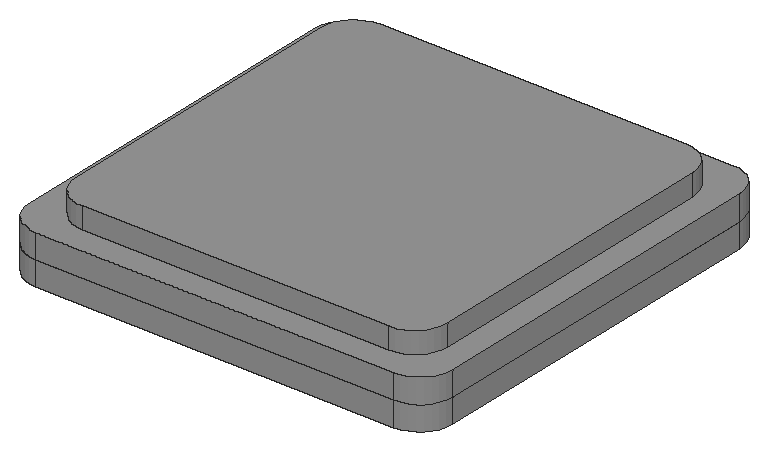
Revit family "FMS2_63_UN_Surface-mounted_ETK", category Lighting Fixtures, Revit 2019 (continued)
Definition of nested family "FMS.2 - Lightsource"
  Types (14, lengths in mm): name | Wattage Comments | Wattage | built-in parameter 1150134 | Photometric Web File | built-in parameter 1150142 | built-in parameter 1150105 | Lumens | built-in parameter 1150107 | built-in parameter 1150106 | Apparent Load
      02\t947.8944\t945.3186\t942.7428\r\n939.8808\t937.0188\t934.1568\t931.2948\t928.4328\t925.857\t922.995\t920.133\t917.271\t914.409\r\n911.547\t908.685\t905.823\t901.8162\t897.5232\t893.2302\t888.9372\t884.6442\t880.065\t875.772\r\n871.1928\t866.6136\t862.0344\t857.4552\t852.876\t848.583\t844.0038\t839.7108\t835.1316\t830.8386\r\n826.5456\t821.9664\t817.3872\t812.808\t807.084\t801.36\t795.3498\t789.6258\t783.9018\t778.1778\r\n772.74\t767.016\t761.292\t755.568\t749.844\t744.12\t738.396\t732.672\t726.948\t721.224\r\n715.5\t709.776\t704.052\t698.328\t692.0316\t685.1628\t678.0078\t671.139\t664.2702\t657.4014\r\n650.5326\t643.6638\t636.795\t629.9262\t623.0574\t616.1886\t609.3198\t602.7372\t595.8684\t588.9996\r\n582.1308\t575.262\t568.3932\t561.5244\t554.3694\t546.9282\t539.2008\t531.7596\t524.0322\t516.3048\r\n508.8636\t501.1362\t493.695\t485.9676\t478.5264\t471.0852\t463.3578\t455.9166\t448.4754\t440.748\r\n433.3068\t425.8656\t418.1382\t410.697\t402.6834\t394.6698\t386.6562\t378.6426\t370.629\t362.6154\r\n354.6018\t346.5882\t338.5746\t330.561\t322.5474\t314.5338\t306.5202\t298.5066\t290.493\t282.4222\r\n274.4372\t266.4236\t258.4386\t250.9974\t243.7279\t236.4584\t229.189\t221.9481\t214.6786\t207.4378\r\n200.1683\t192.9274\t185.6866\t178.4457\t171.2335\t163.9926\t156.7517\t149.5395\t142.3273\t135.0864\r\n127.8742\t120.6619\t108.985\t96.3063\t83.6276\t70.9776\t58.2989\t45.6203\t32.9416\t20.2773\r\n7.6072\t0\t0\t0\t0\t0\t0\t0\t0\t0\r\n0\r\n985.1004\t983.9556\t983.097\t981.9522\t980.8074\t979.9488\t978.804\t977.9454\t977.0868\t975.942\r\n975.0834\t974.2248\t973.08\t972.2214\t971.0766\t970.218\t969.0732\t968.2146\t967.356\t966.2112\r\n965.3526\t963.9216\t961.0596\t958.4838\t955.6218\t953.046\t950.184\t947.6082\t944.7462\t941.8842\r\n939.3084\t936.7326\t933.8706\t931.2948\t928.719\t925.857\t923.2812\t920.4192\t917.8434\t915.2676\r\n912.4056\t909.5436\t905.823\t901.53\t896.9508\t892.6578\t888.3648\t884.0718\t879.7788\t875.4858\r\n870.9066\t866.6136\t862.3206\t857.7414\t853.4484\t849.1554\t844.5762\t840.2832\t835.9902\t831.6972\r\n827.4042\t823.1112\t818.2458\t812.5218\t807.084\t801.36\t795.636\t789.912\t784.188\t778.464\r\n772.74\t767.016\t761.292\t755.568\t749.844\t744.4062\t738.6822\t732.9582\t727.5204\t721.7964\r\n716.0724\t710.6346\t704.9106\t698.0418\t691.173\t684.5904\t677.7216\t670.8528\t663.984\t657.1152\r\n650.2464\t643.6638\t636.795\t629.9262\t623.3436\t616.4748\t609.8922\t603.0234\t596.1546\t589.572\r\n582.7032\t576.1206\t569.2518\t561.8106\t554.0832\t546.642\t539.2008\t531.4734\t524.0322\t516.591\r\n508.8636\t501.4224\t493.695\t486.2538\t478.5264\t471.0852\t463.644\t455.9166\t448.4754\t441.0342\r\n433.3068\t425.8656\t418.1382\t410.1246\t402.111\t394.0974\t386.0838\t378.0702\t370.0566\t362.043\r\n354.0294\t346.0158\t338.0022\t329.9886\t321.975\t313.9614\t305.9478\t297.9342\t290.2068\t282.0787\r\n274.1224\t266.1374\t258.6676\t251.3695\t244.0714\t236.7733\t229.4752\t222.2057\t214.9076\t207.6381\r\n200.34\t193.0705\t185.7724\t178.5029\t171.2048\t163.9354\t156.6659\t149.3964\t142.1269\t134.8574\r\n127.5593\t118.5154\t105.8081\t93.1295\t80.4222\t67.7435\t55.0649\t42.3576\t29.6789\t16.9917\r\n4.3016\t0\t0\t0\t0\t0\t0\t0\t0\t0\r\n0\r\n985.1004\t983.9556\t983.097\t981.9522\t981.0936\t979.9488\t979.0902\t977.9454\t977.0868\t976.2282\r\n975.0834\t974.2248\t973.3662\t972.5076\t971.3628\t970.5042\t969.6456\t968.5008\t967.6422\t966.4974\r\n965.6388\t963.3492\t960.7734\t958.1976\t955.3356\t952.7598\t950.184\t947.322\t944.7462\t942.1704\r\n939.3084\t936.7326\t934.1568\t931.2948\t928.719\t925.857\t923.2812\t920.4192\t917.8434\t914.9814\r\n912.4056\t908.9712\t904.9644\t900.6714\t896.3784\t892.0854\t887.7924\t883.4994\t879.2064\t874.9134\r\n870.9066\t866.6136\t862.3206\t858.0276\t853.7346\t849.4416\t845.1486\t840.8556\t836.8488\t832.5558\r\n828.2628\t823.6836\t817.9596\t812.2356\t806.5116\t800.7876\t795.3498\t789.6258\t783.9018\t778.1778\r\n772.74\t767.016\t761.292\t755.568\t750.1302\t744.4062\t738.6822\t732.9582\t727.2342\t721.5102\r\n715.7862\t710.0622\t703.4796\t696.6108\t690.0282\t683.1594\t676.5768\t669.9942\t663.1254\t656.5428\r\n649.674\t643.0914\t636.5088\t629.9262\t623.0574\t616.4748\t609.8922\t603.0234\t596.4408\t589.8582\r\n582.9894\t576.1206\t568.6794\t561.2382\t553.797\t546.3558\t538.9146\t531.1872\t523.746\t516.3048\r\n508.8636\t501.1362\t493.695\t486.2538\t478.8126\t471.3714\t463.644\t456.2028\t448.7616\t441.3204\r\n433.8792\t426.1518\t418.1382\t410.1246\t402.111\t394.3836\t386.37\t378.3564\t370.3428\t362.3292\r\n354.3156\t346.302\t338.2884\t330.2748\t322.2612\t314.2476\t306.234\t298.2204\t290.2068\t282.1932\r\n274.1796\t266.4808\t259.1541\t251.8274\t244.5007\t237.1739\t229.8472\t222.5205\t215.1938\t207.8957\r\n200.569\t193.2422\t185.9155\t178.6174\t171.2907\t163.964\t156.6659\t149.3392\t142.0411\t134.7143\r\n127.4162\t116.3117\t103.6044\t90.8971\t78.1612\t65.4539\t52.7467\t40.0394\t27.3378\t14.6305\r\n1.9213\t0\t0\t0\t0\t0\t0\t0\t0\t0\r\n0\r\n985.1004\t984.2418\t983.097\t982.2384\t981.0936\t980.235\t979.0902\t978.2316\t977.373\t976.2282\r\n975.3696\t974.511\t973.3662\t972.5076\t971.649\t970.7904\t969.6456\t968.787\t967.9284\t967.0698\r\n966.2112\t963.6354\t961.0596\t958.4838\t955.6218\t953.046\t950.4702\t947.6082\t945.0324\t942.4566\r\n939.5946\t937.0188\t934.443\t931.581\t929.0052\t926.4294\t923.5674\t920.9916\t918.4158\t915.84\r\n913.2642\t908.9712\t904.9644\t900.6714\t896.3784\t892.0854\t887.7924\t883.4994\t879.2064\t874.9134\r\n870.9066\t866.6136\t862.3206\t858.0276\t853.7346\t849.4416\t845.4348\t841.1418\t836.8488\t832.5558\r\n828.549\t823.1112\t817.3872\t811.9494\t806.2254\t800.7876\t795.0636\t789.3396\t783.9018\t778.1778\r\n772.4538\t767.016\t761.292\t755.568\t749.844\t744.4062\t738.6822\t732.9582\t727.2342\t721.7964\r\n716.0724\t709.4898\t702.9072\t696.3246\t689.742\t683.1594\t676.2906\t669.708\t663.1254\t656.5428\r\n649.9602\t643.0914\t636.5088\t629.9262\t623.3436\t616.761\t610.1784\t603.3096\t596.727\t590.1444\r\n583.5618\t576.1206\t568.6794\t561.2382\t553.797\t546.3558\t538.9146\t531.4734\t523.746\t516.3048\r\n508.8636\t501.4224\t493.9812\t486.54\t478.8126\t471.3714\t463.9302\t456.489\t449.0478\t441.6066\r\n434.1654\t426.1518\t418.1382\t410.1246\t402.111\t394.0974\t386.0838\t378.0702\t370.0566\t362.043\r\n354.3156\t346.302\t338.2884\t330.2748\t322.2612\t314.2476\t306.234\t298.2204\t290.2068\t282.2504\r\n274.2655\t266.8243\t259.4689\t252.1422\t244.7869\t237.4315\t230.0762\t222.7208\t215.3655\t208.0388\r\n200.6834\t193.3281\t185.9728\t178.646\t171.2907\t163.9354\t156.6086\t149.2533\t141.898\t134.5712\r\n127.2159\t114.9093\t102.202\t89.4661\t76.7588\t64.0516\t51.3443\t38.6084\t25.9068\t13.1938\r\n0.4814\t0\t0\t0\t0\t0\t0\t0\t0\t0\r\n0\r\n985.1004\t984.2418\t983.097\t982.2384\t981.3798\t980.235\t979.3764\t978.5178\t977.373\t976.5144\r\n975.3696\t974.511\t973.6524\t972.5076\t971.649\t970.7904\t969.6456\t968.787\t967.9284\t966.7836\r\n965.925\t963.3492\t960.4872\t957.9114\t955.3356\t952.7598\t949.8978\t947.322\t944.7462\t942.1704\r\n939.3084\t936.7326\t934.1568\t931.581\t929.0052\t926.1432\t923.5674\t920.9916\t918.4158\t915.5538\r\n912.978\t908.685\t904.6782\t900.3852\t896.0922\t891.7992\t887.7924\t883.4994\t879.2064\t875.1996\r\n870.9066\t866.6136\t862.3206\t858.3138\t854.0208\t849.7278\t845.721\t841.428\t837.135\t832.842\r\n828.8352\t823.1112\t817.6734\t811.9494\t806.2254\t800.7876\t795.0636\t789.6258\t783.9018\t778.464\r\n772.74\t767.016\t761.5782\t755.8542\t750.4164\t744.6924\t739.2546\t733.5306\t727.8066\t722.3688\r\n716.6448\t710.0622\t703.4796\t696.6108\t690.0282\t683.4456\t676.863\t669.9942\t663.4116\t656.829\r\n650.2464\t643.3776\t636.795\t630.2124\t623.3436\t616.761\t610.1784\t603.5958\t596.727\t590.1444\r\n583.5618\t576.1206\t568.6794\t561.2382\t553.5108\t546.0696\t538.6284\t531.1872\t523.746\t516.3048\r\n508.8636\t501.4224\t493.9812\t486.54\t478.8126\t471.3714\t463.9302\t456.489\t449.0478\t441.6066\r\n434.1654\t426.1518\t418.1382\t410.1246\t402.111\t394.0974\t386.37\t378.3564\t370.3428\t362.3292\r\n354.3156\t346.302\t338.2884\t330.2748\t322.2612\t314.2476\t306.234\t298.5066\t290.493\t282.4222\r\n274.4372\t267.0818\t259.7265\t252.3712\t245.0158\t237.6891\t230.3338\t222.9784\t215.6231\t208.2677\r\n200.9124\t193.5857\t186.2303\t178.875\t171.5197\t164.1643\t156.809\t149.4823\t142.1269\t134.7716\r\n127.4162\t114.6803\t101.9444\t89.1799\t76.444\t63.7081\t50.9722\t38.2363\t25.4832\t12.7416\r\n0\t0\t0\t0\t0\t0\t0\t0\t0\t0\r\n0\r\n985.1004\t983.9556\t983.097\t981.9522\t981.0936\t979.9488\t979.0902\t978.2316\t977.0868\t976.2282\r\n975.3696\t974.511\t973.6524\t972.5076\t971.649\t970.7904\t969.9318\t969.0732\t968.5008\t967.6422\r\n966.7836\t964.2078\t961.632\t959.0562\t956.1942\t953.6184\t950.7564\t948.1806\t945.3186\t942.7428\r\n939.8808\t937.305\t934.443\t931.8672\t929.0052\t926.4294\t923.5674\t920.9916\t918.1296\t915.5538\r\n912.6918\t908.685\t904.392\t900.3852\t896.0922\t891.7992\t887.7924\t883.4994\t879.4926\t875.1996\r\n870.9066\t866.8998\t862.6068\t858.3138\t854.307\t850.014\t845.721\t841.428\t837.135\t833.1282\r\n828.8352\t823.3974\t817.6734\t811.9494\t806.2254\t800.7876\t795.0636\t789.3396\t783.9018\t778.1778\r\n772.4538\t767.016\t761.292\t755.8542\t750.1302\t744.6924\t738.9684\t733.5306\t727.8066\t722.3688\r\n716.6448\t710.3484\t703.7658\t696.897\t690.3144\t683.7318\t676.863\t670.2804\t663.6978\t656.829\r\n650.2464\t643.6638\t636.795\t630.2124\t623.6298\t616.761\t610.1784\t603.5958\t596.727\t590.1444\r\n583.5618\t576.1206\t568.6794\t561.2382\t553.797\t546.3558\t538.9146\t531.4734\t524.0322\t516.591\r\n509.1498\t501.7086\t494.2674\t486.54\t479.0988\t471.6576\t464.2164\t456.7752\t449.334\t441.8928\r\n434.4516\t426.438\t418.4244\t410.4108\t402.3972\t394.6698\t386.6562\t378.6426\t370.629\t362.6154\r\n354.6018\t346.5882\t338.5746\t330.561\t322.5474\t314.5338\t306.5202\t298.5066\t290.7792\t282.6797\r\n274.6948\t267.2536\t259.8982\t252.5715\t245.2162\t237.8608\t230.5341\t223.1788\t215.852\t208.4967\r\n201.1414\t193.8146\t186.4593\t179.1326\t171.7772\t164.4505\t157.0952\t149.7685\t142.4131\t135.0864\r\n127.7311\t115.3672\t102.6027\t89.8382\t77.0737\t64.3091\t51.5446\t38.7801\t26.0156\t13.2482\r\n0.4834\t0\t0\t0\t0\t0\t0\t0\t0\t0\r\n0\r\n985.1004\t983.9556\t983.097\t981.9522\t980.8074\t979.9488\t978.804\t977.9454\t977.0868\t976.2282\r\n975.3696\t974.511\t973.6524\t972.5076\t971.649\t970.7904\t969.6456\t968.787\t967.6422\t966.7836\r\n965.6388\t963.3492\t960.7734\t957.9114\t955.3356\t952.7598\t950.184\t947.6082\t944.7462\t942.1704\r\n939.5946\t937.0188\t934.443\t931.581\t929.0052\t926.4294\t923.5674\t920.7054\t917.8434\t915.2676\r\n912.4056\t908.9712\t904.9644\t900.6714\t896.3784\t892.0854\t888.0786\t883.7856\t879.4926\t875.1996\r\n871.1928\t866.8998\t862.6068\t858.3138\t854.0208\t850.014\t845.721\t841.428\t837.135\t832.5558\r\n828.2628\t823.6836\t818.2458\t812.5218\t807.084\t801.36\t795.9222\t790.1982\t784.4742\t778.7502\r\n773.3124\t767.5884\t761.8644\t756.1404\t750.4164\t744.6924\t738.9684\t733.2444\t727.8066\t722.0826\r\n716.3586\t710.6346\t703.7658\t697.1832\t690.6006\t683.7318\t677.1492\t670.5666\t663.984\t657.1152\r\n650.5326\t643.95\t637.0812\t630.4986\t623.916\t617.0472\t610.4646\t603.882\t597.2994\t590.4306\r\n583.848\t576.9792\t569.538\t562.0968\t554.6556\t547.2144\t539.487\t532.0458\t524.6046\t516.8772\r\n509.436\t501.9948\t494.2674\t486.8262\t479.385\t471.9438\t464.2164\t456.7752\t449.334\t441.6066\r\n434.1654\t426.438\t418.4244\t410.697\t402.6834\t394.6698\t386.6562\t378.6426\t370.629\t362.6154\r\n354.6018\t346.5882\t338.8608\t330.8472\t322.8336\t314.82\t306.8064\t298.7928\t291.0654\t282.9659\r\n275.0096\t267.3108\t259.9841\t252.6574\t245.3593\t238.0325\t230.7058\t223.3791\t216.0524\t208.7257\r\n201.3989\t194.1008\t186.7741\t179.4474\t172.1207\t164.8226\t157.4959\t150.1691\t142.871\t135.5443\r\n128.2176\t117.0558\t104.2913\t91.4981\t78.705\t65.9119\t53.1187\t40.3256\t27.521\t14.7279\r\n1.9341\t0\t0\t0\t0\t0\t0\t0\t0\t0\r\n0\r\n985.1004\t983.9556\t982.8108\t981.666\t980.8074\t979.6626\t978.804\t977.9454\t977.0868\t975.942\r\n975.0834\t974.2248\t973.3662\t972.2214\t971.3628\t970.218\t969.3594\t968.5008\t967.6422\t966.7836\r\n965.925\t964.494\t961.9182\t959.3424\t956.7666\t953.9046\t951.0426\t948.1806\t945.6048\t942.7428\r\n939.8808\t937.0188\t934.443\t931.8672\t929.0052\t926.4294\t923.8536\t921.2778\t918.702\t916.1262\r\n913.2642\t910.4022\t906.3954\t902.1024\t897.8094\t893.5164\t889.2234\t884.9304\t880.6374\t876.3444\r\n872.0514\t867.7584\t863.4654\t859.1724\t854.8794\t850.5864\t846.2934\t842.0004\t837.7074\t833.1282\r\n828.8352\t824.256\t819.6768\t813.6666\t807.9426\t802.2186\t796.4946\t790.7706\t785.0466\t779.3226\r\n773.5986\t767.8746\t762.1506\t756.4266\t750.7026\t744.9786\t739.2546\t733.5306\t727.8066\t722.0826\r\n716.6448\t710.9208\t705.1968\t698.328\t691.7454\t684.8766\t678.294\t671.4252\t664.5564\t657.9738\r\n651.105\t644.2362\t637.6536\t630.7848\t624.2022\t617.6196\t610.7508\t603.882\t597.2994\t590.4306\r\n583.848\t576.9792\t570.1104\t562.6692\t554.9418\t547.5006\t539.7732\t532.332\t524.8908\t517.1634\r\n509.7222\t501.9948\t494.5536\t487.1124\t479.385\t471.9438\t464.5026\t456.7752\t449.334\t441.6066\r\n434.1654\t426.7242\t418.9968\t410.9832\t402.9696\t394.956\t386.9424\t378.9288\t370.9152\t362.9016\r\n355.1742\t347.1606\t339.147\t331.1334\t323.1198\t315.1062\t307.3788\t299.3652\t291.3516\t283.3952\r\n275.4389\t267.4825\t259.9841\t252.686\t245.3593\t238.0612\t230.7631\t223.465\t216.1669\t208.8688\r\n201.5707\t194.2726\t187.0031\t179.705\t172.4069\t165.1374\t157.8393\t150.5698\t143.3003\t136.0022\r\n128.7328\t119.6316\t106.8098\t94.0167\t81.1949\t68.4018\t55.58\t42.7583\t29.9651\t17.152\r\n4.3445\t0\t0\t0\t0\t0\t0\t0\t0\t0\r\n0\r\n985.1004\t983.9556\t982.8108\t981.666\t980.5212\t979.6626\t978.804\t977.9454\t977.0868\t975.942\r\n975.0834\t974.2248\t973.08\t972.2214\t971.649\t970.7904\t969.9318\t969.0732\t968.2146\t967.0698\r\n965.925\t964.7802\t962.2044\t959.6286\t956.7666\t954.1908\t951.3288\t948.753\t946.1772\t943.6014\r\n940.7394\t937.8774\t935.0154\t932.1534\t929.2914\t926.4294\t923.5674\t920.9916\t918.1296\t915.2676\r\n912.4056\t909.5436\t906.6816\t902.6748\t898.3818\t894.0888\t889.7958\t885.5028\t880.9236\t876.6306\r\n872.0514\t867.7584\t863.4654\t858.8862\t854.5932\t850.014\t845.4348\t840.8556\t836.5626\t831.9834\r\n827.4042\t822.825\t818.532\t813.9528\t808.2288\t802.5048\t796.7808\t791.0568\t785.3328\t779.3226\r\n773.5986\t767.8746\t762.1506\t756.1404\t750.4164\t744.6924\t738.6822\t732.9582\t727.2342\t721.224\r\n715.5\t709.776\t703.7658\t698.0418\t691.7454\t685.1628\t678.294\t671.7114\t664.8426\t657.9738\r\n651.3912\t644.5224\t637.6536\t630.7848\t623.916\t617.3334\t610.4646\t603.5958\t596.727\t590.1444\r\n583.2756\t576.693\t569.8242\t563.2416\t556.0866\t548.3592\t540.918\t533.4768\t525.7494\t518.022\r\n510.2946\t502.8534\t495.126\t487.3986\t479.6712\t472.23\t464.5026\t457.0614\t449.334\t441.6066\r\n434.1654\t426.438\t418.9968\t411.2694\t403.2558\t395.2422\t387.2286\t379.215\t371.2014\t363.1878\r\n355.4604\t347.4468\t339.4332\t331.4196\t323.406\t315.3924\t307.665\t299.6514\t291.6378\t283.7673\r\n275.8396\t267.9404\t260.0127\t252.6001\t245.3306\t238.0612\t230.7917\t223.5222\t216.2527\t209.0119\r\n201.771\t194.5015\t187.2607\t180.0198\t172.8076\t165.5667\t158.3258\t151.1136\t143.8727\t136.6605\r\n129.4196\t122.2074\t110.416\t97.5656\t84.7438\t71.8934\t59.0717\t46.2213\t33.3709\t20.5463\r\n7.7074\t0\t0\t0\t0\t0\t0\t0\t0\t0\r\n0\r\n985.1004\t983.9556\t982.8108\t981.666\t980.5212\t979.6626\t978.804\t977.9454\t977.0868\t976.2282\r\n975.3696\t974.511\t973.6524\t973.08\t972.2214\t971.0766\t969.9318\t968.787\t967.356\t966.2112\r\n965.3526\t964.2078\t963.063\t960.4872\t957.9114\t955.0494\t952.1874\t949.3254\t946.4634\t943.6014\r\n940.7394\t937.8774\t935.3016\t932.4396\t929.5776\t926.7156\t923.8536\t920.9916\t918.1296\t914.9814\r\n911.8332\t908.9712\t905.823\t902.961\t899.5266\t894.9474\t890.6544\t886.0752\t881.496\t876.9168\r\n872.3376\t867.7584\t863.1792\t858.6\t854.0208\t849.7278\t845.1486\t840.5694\t836.2764\t831.6972\r\n827.118\t822.5388\t817.9596\t813.3804\t808.8012\t804.222\t798.2118\t792.2016\t786.4776\t780.4674\r\n774.7434\t768.7332\t763.0092\t756.999\t751.275\t745.551\t739.5408\t733.5306\t727.8066\t721.7964\r\n716.0724\t710.0622\t704.052\t698.328\t692.3178\t686.3076\t679.725\t672.8562\t665.9874\t659.1186\r\n651.9636\t645.0948\t638.226\t631.3572\t624.4884\t617.6196\t610.7508\t603.882\t597.0132\t590.1444\r\n583.2756\t576.4068\t569.538\t562.6692\t555.8004\t548.9316\t541.4904\t533.763\t526.0356\t518.3082\r\n510.867\t503.1396\t495.4122\t487.6848\t480.2436\t472.5162\t464.7888\t457.0614\t449.334\t441.8928\r\n434.1654\t426.438\t418.9968\t411.2694\t403.542\t395.8146\t387.801\t379.7874\t371.7738\t363.7602\r\n355.7466\t348.0192\t340.0056\t331.992\t323.9784\t315.9648\t308.2374\t300.2238\t292.2102\t284.3397\r\n276.412\t268.5128\t260.5851\t252.7146\t245.1589\t237.9181\t230.7058\t223.4936\t216.31\t209.0977\r\n201.8855\t194.7019\t187.4896\t180.306\t173.1224\t165.9388\t158.7838\t151.6001\t144.4451\t137.2901\r\n130.1351\t122.9801\t114.9093\t102.0303\t89.1799\t76.3009\t63.4505\t50.5715\t37.7212\t24.8593\r\n11.9975\t0\t0\t0\t0\t0\t0\t0\t0\t0\r\n0\r\n985.1004\t983.9556\t982.8108\t981.666\t980.5212\t979.6626\t979.0902\t978.2316\t977.0868\t976.5144\r\n975.6558\t975.0834\t974.2248\t973.08\t971.9352\t970.5042\t969.3594\t968.2146\t967.0698\t966.2112\r\n965.0664\t963.6354\t962.4906\t961.0596\t958.1976\t955.6218\t952.7598\t950.184\t947.322\t944.46\r\n941.598\t938.736\t935.874\t932.7258\t929.5776\t926.4294\t923.2812\t920.4192\t917.271\t914.409\r\n911.2608\t908.1126\t904.9644\t901.53\t898.3818\t894.9474\t891.513\t886.9338\t882.6408\t878.0616\r\n873.4824\t868.617\t864.0378\t859.1724\t854.5932\t850.014\t845.4348\t840.8556\t836.2764\t831.6972\r\n826.8318\t822.2526\t817.6734\t812.808\t808.2288\t803.3634\t798.498\t793.6326\t788.1948\t782.1846\r\n776.1744\t770.1642\t764.154\t758.1438\t751.8474\t745.8372\t739.827\t733.5306\t727.5204\t721.5102\r\n715.5\t709.4898\t703.4796\t697.1832\t691.173\t685.1628\t678.8664\t672.8562\t666.846\t660.2634\r\n653.1084\t646.2396\t639.3708\t632.2158\t625.347\t618.192\t611.3232\t604.1682\t597.0132\t590.1444\r\n582.98
